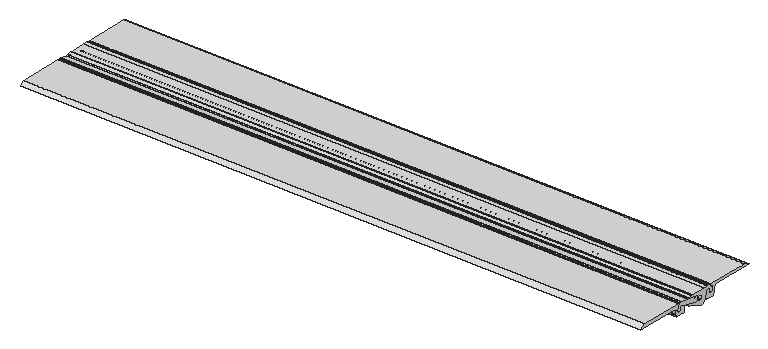
Revit family "Construction-Floors-Conecto-Aluminium Joints ALU AL.78.10", category Specialty Equipment, Revit 2015 (continued)
Definition of nested family "Standard"
  Automatic sketch dimensions
    Extrusion 25 sketch curve to Extrusion 25 sketch curve = 0.181 mm
    Extrusion 25 sketch curve to Extrusion 25 sketch curve = 0.71 mm
    Extrusion 25 sketch curve to Extrusion 25 sketch curve = 0.699 mm
    Extrusion 25 sketch curve to Extrusion 25 sketch curve = 0.638 mm
    Extrusion 25 sketch curve to Extrusion 25 sketch curve = 0.506 mm
    Extrusion 25 sketch curve to Extrusion 25 sketch curve = 0.373 mm
    Extrusion 25 sketch curve to Extrusion 25 sketch curve = 0.208 mm
    Extrusion 25 sketch curve to Extrusion 25 sketch curve = 0.144 mm
    Extrusion 25 sketch curve to Extrusion 25 sketch curve = 1.895 mm
    Extrusion 25 sketch curve to Extrusion 25 sketch curve = 0.735 mm
    Extrusion 25 sketch curve to Extrusion 25 sketch curve = 1.073 mm  (x2)
    Extrusion 25 sketch curve to Extrusion 25 sketch curve = 0.031 mm
    Extrusion 25 sketch curve to Extrusion 25 sketch curve = 0.237 mm
    Extrusion 25 sketch curve to Extrusion 25 sketch curve = 0.765 mm
    Extrusion 25 sketch curve to Extrusion 25 sketch curve = 1.007 mm
    plane 6 to Extrusion 26 sketch curve = 76.279 mm
    Extrusion 26 sketch curve to Extrusion 26 sketch curve = 0.134 mm
    Extrusion 26 sketch curve to Extrusion 26 sketch curve = 0.685 mm  (x2)
    Extrusion 26 sketch curve to Extrusion 26 sketch curve = 0.826 mm
    Extrusion 26 sketch curve to Extrusion 26 sketch curve = 1.425 mm
    Extrusion 26 sketch curve to Extrusion 26 sketch curve = 2.047 mm
    plane 6 to Extrusion 26 sketch curve = 16.442 mm
    Extrusion 26 sketch curve to Extrusion 26 sketch curve = 0.009 mm
    Extrusion 26 sketch curve to Extrusion 26 sketch curve = 0.041 mm
    Extrusion 26 sketch curve to Extrusion 26 sketch curve = 0.911 mm  (x2)
    Extrusion 26 sketch curve to Extrusion 26 sketch curve = 2.3 mm
    Extrusion 26 sketch curve to Extrusion 26 sketch curve = 2.339 mm
    Extrusion 26 sketch curve to Extrusion 26 sketch curve = 0.027 mm
    Extrusion 26 sketch curve to Extrusion 26 sketch curve = 0.499 mm
    Extrusion 26 sketch curve to Extrusion 26 sketch curve = 0.837 mm
    Extrusion 26 sketch curve to Extrusion 26 sketch curve = 0.786 mm  (x2)
    Extrusion 26 sketch curve to Extrusion 26 sketch curve = 0.774 mm  (x2)
    Extrusion 26 sketch curve to Extrusion 26 sketch curve = 0.425 mm
    Extrusion 26 sketch curve to Extrusion 26 sketch curve = 0.097 mm
    Extrusion 26 sketch curve to Extrusion 26 sketch curve = 0.246 mm  (x2)
    Extrusion 26 sketch curve to Extrusion 26 sketch curve = 0.831 mm
    Extrusion 26 sketch curve to Extrusion 26 sketch curve = 0.349 mm
    Extrusion 26 sketch curve to Extrusion 26 sketch curve = 0.778 mm
    Extrusion 26 sketch curve to Extrusion 26 sketch curve = 0.491 mm  (x2)
    plane 6 to Extrusion 26 sketch curve = 11.178 mm
    Extrusion 26 sketch curve to Extrusion 26 sketch curve = 0.697 mm
    Extrusion 26 sketch curve to Extrusion 26 sketch curve = 3.355 mm
    Extrusion 26 sketch curve to Extrusion 26 sketch curve = 0.719 mm
    Extrusion 26 sketch curve to Extrusion 26 sketch curve = 0.595 mm
    Extrusion 26 sketch curve to Extrusion 26 sketch curve = 0.672 mm
    Extrusion 26 sketch curve to Extrusion 26 sketch curve = 0.908 mm
    Extrusion 26 sketch curve to Extrusion 26 sketch curve = 1.394 mm
    Extrusion 26 sketch curve to Extrusion 26 sketch curve = 0.74 mm
    Extrusion 26 sketch curve to Extrusion 26 sketch curve = 0.885 mm  (x2)
    Extrusion 26 sketch curve to Extrusion 26 sketch curve = 0.607 mm
    Extrusion 26 sketch curve to Extrusion 26 sketch curve = 0.827 mm
    Extrusion 26 sketch curve to Extrusion 26 sketch curve = 0.459 mm
    Extrusion 26 sketch curve to Extrusion 26 sketch curve = 0.775 mm
    Extrusion 26 sketch curve to Extrusion 26 sketch curve = 1.332 mm
    Extrusion 26 sketch curve to Extrusion 26 sketch curve = 0.787 mm
    Extrusion 26 sketch curve to Extrusion 26 sketch curve = 4.161 mm
    Extrusion 26 sketch curve to Extrusion 26 sketch curve = 0.155 mm
    Extrusion 26 sketch curve to Extrusion 26 sketch curve = 2.645 mm
    Extrusion 26 sketch curve to Extrusion 26 sketch curve = 0.258 mm
    Extrusion 26 sketch curve to Extrusion 26 sketch curve = 0.789 mm
    Extrusion 26 sketch curve to Extrusion 26 sketch curve = 0.379 mm
    Extrusion 26 sketch curve to Extrusion 26 sketch curve = 1.017 mm
    Extrusion 26 sketch curve to Extrusion 26 sketch curve = 0.889 mm  (x2)
    Extrusion 26 sketch curve to Extrusion 26 sketch curve = 0.488 mm
    Extrusion 26 sketch curve to Extrusion 26 sketch curve = 0.741 mm
    Extrusion 26 sketch curve to Extrusion 26 sketch curve = 0.656 mm  (x2)
    Extrusion 26 sketch curve to Extrusion 26 sketch curve = 0.298 mm
    Extrusion 26 sketch curve to Extrusion 26 sketch curve = 0.877 mm
    Extrusion 26 sketch curve to Extrusion 26 sketch curve = 0.492 mm
    Extrusion 26 sketch curve to Extrusion 26 sketch curve = 0.714 mm
    Extrusion 26 sketch curve to Extrusion 26 sketch curve = 0.376 mm
    Extrusion 26 sketch curve to Extrusion 26 sketch curve = 0.776 mm
    Extrusion 26 sketch curve to Extrusion 26 sketch curve = 0.629 mm
    Extrusion 26 sketch curve to Extrusion 26 sketch curve = 0.721 mm
    Extrusion 26 sketch curve to Extrusion 26 sketch curve = 0.523 mm
    Extrusion 26 sketch curve to Extrusion 26 sketch curve = 0.922 mm
    Extrusion 26 sketch curve to Extrusion 26 sketch curve = 0.347 mm
    Extrusion 26 sketch curve to Extrusion 26 sketch curve = 0.484 mm
    Extrusion 26 sketch curve to Extrusion 26 sketch curve = 0.085 mm
    Extrusion 26 sketch curve to Extrusion 26 sketch curve = 0.931 mm
    Extrusion 26 sketch curve to Extrusion 26 sketch curve = 0.833 mm
    plane 6 to Extrusion 26 sketch curve = 2.043 mm  (x2)
    Extrusion 26 sketch curve to Extrusion 26 sketch curve = 0.81 mm
    plane 6 to Extrusion 26 sketch curve = 0.908 mm  (x2)
    plane 6 to Extrusion 26 sketch curve = 0.127 mm
    Extrusion 26 sketch curve to Extrusion 26 sketch curve = 4.284 mm
    Extrusion 26 sketch curve to Extrusion 26 sketch curve = 0.117 mm
    Extrusion 26 sketch curve to Extrusion 26 sketch curve = 0.37 mm
    Extrusion 26 sketch curve to Extrusion 26 sketch curve = 1.059 mm
    Extrusion 26 sketch curve to Extrusion 26 sketch curve = 1.033 mm
    Extrusion 26 sketch curve to Extrusion 26 sketch curve = 5.162 mm
    Extrusion 26 sketch curve to Extrusion 26 sketch curve = 0.794 mm
    Extrusion 26 sketch curve to Extrusion 26 sketch curve = 2.958 mm
    Extrusion 26 sketch curve to Extrusion 26 sketch curve = 0.406 mm
    Extrusion 26 sketch curve to Extrusion 26 sketch curve = 2.164 mm
    Extrusion 26 sketch curve to Extrusion 26 sketch curve = 0.749 mm
    Extrusion 26 sketch curve to Extrusion 26 sketch curve = 0.069 mm
    Extrusion 26 sketch curve to Extrusion 26 sketch curve = 0.151 mm
    Extrusion 26 sketch curve to Extrusion 26 sketch curve = 0.252 mm
    Extrusion 26 sketch curve to Extrusion 26 sketch curve = 0.38 mm
    Extrusion 26 sketch curve to Extrusion 26 sketch curve = 0.673 mm
    Extrusion 26 sketch curve to Extrusion 26 sketch curve = 3.295 mm  (x2)
    Extrusion 26 sketch curve to Extrusion 26 sketch curve = 0.993 mm
    Extrusion 26 sketch curve to Extrusion 26 sketch curve = 0.811 mm
    Extrusion 26 sketch curve to Extrusion 26 sketch curve = 0.804 mm
    Extrusion 26 sketch curve to Extrusion 26 sketch curve = 2.532 mm
    Extrusion 26 sketch curve to Extrusion 26 sketch curve = 0.302 mm
    Extrusion 26 sketch curve to Extrusion 26 sketch curve = 0.912 mm
    Extrusion 26 sketch curve to Extrusion 26 sketch curve = 0.917 mm
    Extrusion 26 sketch curve to Extrusion 26 sketch curve = 2.428 mm
    Extrusion 26 sketch curve to Extrusion 26 sketch curve = 0.795 mm
    Extrusion 26 sketch curve to Extrusion 26 sketch curve = 0.87 mm
    Extrusion 26 sketch curve to Extrusion 26 sketch curve = 2.001 mm
    Extrusion 26 sketch curve to Extrusion 26 sketch curve = 1.1 mm
    Extrusion 26 sketch curve to Extrusion 26 sketch curve = 1.105 mm
    Extrusion 26 sketch curve to Extrusion 26 sketch curve = 1.16 mm
    Extrusion 26 sketch curve to Extrusion 26 sketch curve = 0.798 mm
    Extrusion 26 sketch curve to Extrusion 26 sketch curve = 0.812 mm
    Extrusion 26 sketch curve to Extrusion 26 sketch curve = 1.3 mm
    Extrusion 26 sketch curve to Extrusion 26 sketch curve = 1.589 mm
    Extrusion 26 sketch curve to Extrusion 26 sketch curve = 0.729 mm
    Extrusion 26 sketch curve to Extrusion 26 sketch curve = 0.181 mm
    Extrusion 26 sketch curve to Extrusion 26 sketch curve = 0.71 mm
    Extrusion 26 sketch curve to Extrusion 26 sketch curve = 0.699 mm
    Extrusion 26 sketch curve to Extrusion 26 sketch curve = 0.638 mm
    Extrusion 26 sketch curve to Extrusion 26 sketch curve = 0.506 mm
    Extrusion 26 sketch curve to Extrusion 26 sketch curve = 0.373 mm
    Extrusion 26 sketch curve to Extrusion 26 sketch curve = 0.208 mm
    Extrusion 26 sketch curve to Extrusion 26 sketch curve = 0.144 mm
    Extrusion 26 sketch curve to Extrusion 26 sketch curve = 1.895 mm
    Extrusion 26 sketch curve to Extrusion 26 sketch curve = 0.735 mm
    Extrusion 26 sketch curve to Extrusion 26 sketch curve = 1.073 mm  (x2)
    Extrusion 26 sketch curve to Extrusion 26 sketch curve = 0.031 mm
    Extrusion 26 sketch curve to Extrusion 26 sketch curve = 0.237 mm
    Extrusion 26 sketch curve to Extrusion 26 sketch curve = 0.765 mm
    Extrusion 26 sketch curve to Extrusion 26 sketch curve = 2.288 mm
    Extrusion 27 sketch curve to plane 6 = 0 mm
    plane 6 to Extrusion 27 sketch curve = 0.317 mm
    plane 6 to Extrusion 27 sketch curve = 0.661 mm
    plane 6 to Extrusion 27 sketch curve = 0.997 mm
    Extrusion 27 sketch curve to Extrusion 27 sketch curve = 0.977 mm
    Extrusion 27 sketch curve to Extrusion 27 sketch curve = 1.018 mm
    Extrusion 27 sketch curve to Extrusion 27 sketch curve = 1.002 mm
    Extrusion 27 sketch curve to Extrusion 27 sketch curve = 1.162 mm
    Extrusion 27 sketch curve to Extrusion 27 sketch curve = 0.845 mm
    plane 6 to Extrusion 27 sketch curve = 6.802 mm
    Extrusion 27 sketch curve to Extrusion 27 sketch curve = 0.16 mm
    Extrusion 27 sketch curve to Extrusion 27 sketch curve = 1.009 mm
    Extrusion 27 sketch curve to Extrusion 27 sketch curve = 0.625 mm
    Extrusion 27 sketch curve to Extrusion 27 sketch curve = 0.516 mm
    Extrusion 27 sketch curve to Extrusion 27 sketch curve = 0.635 mm
    Extrusion 27 sketch curve to Extrusion 27 sketch curve = 0.289 mm
    Extrusion 27 sketch curve to Extrusion 27 sketch curve = 0.373 mm
    Extrusion 27 sketch curve to Extrusion 27 sketch curve = 0.077 mm
    Extrusion 27 sketch curve to Extrusion 27 sketch curve = 3.01 mm
    Extrusion 27 sketch curve to Extrusion 27 sketch curve = 0.17 mm
    Extrusion 27 sketch curve to Extrusion 27 sketch curve = 3.066 mm
    Extrusion 27 sketch curve to Extrusion 27 sketch curve = 1.906 mm
    Extrusion 27 sketch curve to Extrusion 27 sketch curve = 0.766 mm
    Extrusion 27 sketch curve to Extrusion 27 sketch curve = 0.379 mm
    Extrusion 27 sketch curve to Extrusion 27 sketch curve = 0.528 mm
    Extrusion 27 sketch curve to Extrusion 27 sketch curve = 0.965 mm
    Extrusion 27 sketch curve to Extrusion 27 sketch curve = 0.696 mm
    Extrusion 27 sketch curve to Extrusion 27 sketch curve = 0.241 mm
    Extrusion 27 sketch curve to Extrusion 27 sketch curve = 0.175 mm
    Extrusion 27 sketch curve to Extrusion 27 sketch curve = 2.045 mm
    Extrusion 27 sketch curve to Extrusion 27 sketch curve = 1.039 mm
    Extrusion 27 sketch curve to Extrusion 27 sketch curve = 1.103 mm
    Extrusion 27 sketch curve to Extrusion 27 sketch curve = 0.798 mm
    Extrusion 27 sketch curve to Extrusion 27 sketch curve = 0.732 mm
    Extrusion 27 sketch curve to Extrusion 27 sketch curve = 0.662 mm
    Extrusion 27 sketch curve to Extrusion 27 sketch curve = 0.349 mm
    Extrusion 27 sketch curve to Extrusion 27 sketch curve = 4.02 mm
    Extrusion 27 sketch curve to Extrusion 27 sketch curve = 0.832 mm
    Extrusion 27 sketch curve to Extrusion 27 sketch curve = 0.298 mm
    Extrusion 27 sketch curve to Extrusion 27 sketch curve = 0.306 mm
    Extrusion 27 sketch curve to Extrusion 27 sketch curve = 0.729 mm
    Extrusion 27 sketch curve to Extrusion 27 sketch curve = 0.775 mm
    Extrusion 27 sketch curve to Extrusion 27 sketch curve = 1.062 mm
    Extrusion 27 sketch curve to Extrusion 27 sketch curve = 1.113 mm
    Extrusion 27 sketch curve to Extrusion 27 sketch curve = 2.023 mm
    Extrusion 27 sketch curve to Extrusion 27 sketch curve = 54.732 mm
    Extrusion 27 sketch curve to Extrusion 27 sketch curve = 7.796 mm
    Extrusion 27 sketch curve to Extrusion 27 sketch curve = 0.76 mm
    Extrusion 27 sketch curve to Extrusion 27 sketch curve = 0.824 mm
    Extrusion 27 sketch curve to Extrusion 27 sketch curve = 0.907 mm
    Extrusion 27 sketch curve to Extrusion 27 sketch curve = 1.22 mm
    Extrusion 27 sketch curve to Extrusion 27 sketch curve = 2.629 mm
    Extrusion 27 sketch curve to Extrusion 27 sketch curve = 0.878 mm
    Extrusion 27 sketch curve to Extrusion 27 sketch curve = 0.93 mm
    Extrusion 27 sketch curve to Extrusion 27 sketch curve = 1.667 mm
    Extrusion 27 sketch curve to Extrusion 27 sketch curve = 1.629 mm
    Extrusion 27 sketch curve to Extrusion 27 sketch curve = 0.794 mm
    Extrusion 27 sketch curve to Extrusion 27 sketch curve = 0.971 mm
    Extrusion 27 sketch curve to Extrusion 27 sketch curve = 1.003 mm
    Extrusion 27 sketch curve to Extrusion 27 sketch curve = 0.737 mm
    Extrusion 27 sketch curve to Extrusion 27 sketch curve = 1.239 mm
    Extrusion 27 sketch curve to Extrusion 27 sketch curve = 0.423 mm
    Extrusion 27 sketch curve to Extrusion 27 sketch curve = 0.543 mm
    Extrusion 27 sketch curve to Extrusion 27 sketch curve = 0.849 mm
    Extrusion 27 sketch curve to Extrusion 27 sketch curve = 0.788 mm
    Extrusion 27 sketch curve to Extrusion 27 sketch curve = 0.386 mm
    Extrusion 27 sketch curve to Extrusion 27 sketch curve = 0.039 mm
    Extrusion 27 sketch curve to Extrusion 27 sketch curve = 0.749 mm
    Extrusion 27 sketch curve to Extrusion 27 sketch curve = 0.475 mm
    Extrusion 27 sketch curve to Extrusion 27 sketch curve = 0.394 mm
    Extrusion 27 sketch curve to Extrusion 27 sketch curve = 0.105 mm
    Extrusion 27 sketch curve to Extrusion 27 sketch curve = 1.841 mm
    Extrusion 27 sketch curve to Extrusion 27 sketch curve = 0.909 mm  (x2)
    Extrusion 27 sketch curve to Extrusion 27 sketch curve = 0.813 mm
    Extrusion 27 sketch curve to Extrusion 27 sketch curve = 0.946 mm
    Extrusion 27 sketch curve to Extrusion 27 sketch curve = 0.488 mm
    Extrusion 27 sketch curve to Extrusion 27 sketch curve = 1.614 mm
    plane 6 to Extrusion 28 sketch curve = 74.384 mm
    Extrusion 28 sketch curve to Extrusion 28 sketch curve = 0.43 mm
    Extrusion 28 sketch curve to Extrusion 28 sketch curve = 0.937 mm  (x2)
    Extrusion 28 sketch curve to Extrusion 28 sketch curve = 2.098 mm
    Extrusion 28 sketch curve to Extrusion 28 sketch curve = 1.054 mm  (x2)
    plane 6 to Extrusion 28 sketch curve = 17.576 mm
    Extrusion 28 sketch curve to Extrusion 28 sketch curve = 0.775 mm
    Extrusion 28 sketch curve to Extrusion 28 sketch curve = 0.377 mm
    Extrusion 28 sketch curve to Extrusion 28 sketch curve = 2.284 mm
    Extrusion 28 sketch curve to Extrusion 28 sketch curve = 0.065 mm
    Extrusion 28 sketch curve to Extrusion 28 sketch curve = 0.485 mm
    Extrusion 28 sketch curve to Extrusion 28 sketch curve = 0.623 mm  (x2)
    Extrusion 28 sketch curve to Extrusion 28 sketch curve = 1.105 mm
    Extrusion 28 sketch curve to Extrusion 28 sketch curve = 1.02 mm
    Extrusion 28 sketch curve to Extrusion 28 sketch curve = 0.107 mm
    Extrusion 28 sketch curve to Extrusion 28 sketch curve = 0.272 mm
    Extrusion 28 sketch curve to Extrusion 28 sketch curve = 0.182 mm
    Extrusion 28 sketch curve to Extrusion 28 sketch curve = 0.098 mm
    Extrusion 28 sketch curve to Extrusion 28 sketch curve = 0.591 mm
    Extrusion 28 sketch curve to Extrusion 28 sketch curve = 0.332 mm
    Extrusion 28 sketch curve to Extrusion 28 sketch curve = 0.589 mm
    Extrusion 28 sketch curve to Extrusion 28 sketch curve = 2.296 mm
    Extrusion 28 sketch curve to Extrusion 28 sketch curve = 4.118 mm
    Extrusion 28 sketch curve to Extrusion 28 sketch curve = 0.069 mm
    Extrusion 28 sketch curve to Extrusion 28 sketch curve = 0.189 mm
    Extrusion 28 sketch curve to Extrusion 28 sketch curve = 0.132 mm
    Extrusion 28 sketch curve to Extrusion 28 sketch curve = 0.433 mm
    Extrusion 28 sketch curve to Extrusion 28 sketch curve = 0.556 mm
    Extrusion 28 sketch curve to Extrusion 28 sketch curve = 0.586 mm
    Extrusion 28 sketch curve to Extrusion 28 sketch curve = 0.467 mm
    Extrusion 28 sketch curve to Extrusion 28 sketch curve = 0.54 mm
    Extrusion 28 sketch curve to Extrusion 28 sketch curve = 0.734 mm
    Extrusion 28 sketch curve to Extrusion 28 sketch curve = 0.731 mm
    Extrusion 28 sketch curve to Extrusion 28 sketch curve = 0.807 mm
    Extrusion 28 sketch curve to Extrusion 28 sketch curve = 0.833 mm
    Extrusion 28 sketch curve to Extrusion 28 sketch curve = 0.78 mm
    Extrusion 28 sketch curve to Extrusion 28 sketch curve = 0.732 mm
    Extrusion 28 sketch curve to Extrusion 28 sketch curve = 0.914 mm
    plane 6 to Extrusion 28 sketch curve = 0.641 mm
    plane 6 to Extrusion 28 sketch curve = 0.242 mm
    Extrusion 28 sketch curve to Extrusion 28 sketch curve = 0.531 mm
    Extrusion 28 sketch curve to Extrusion 28 sketch curve = 0.532 mm
    Extrusion 28 sketch curve to Extrusion 28 sketch curve = 0.709 mm
    Extrusion 28 sketch curve to Extrusion 28 sketch curve = 0.883 mm
    Extrusion 28 sketch curve to Extrusion 28 sketch curve = 0.643 mm
    Extrusion 28 sketch curve to Extrusion 28 sketch curve = 0.964 mm
    Extrusion 28 sketch curve to Extrusion 28 sketch curve = 0.834 mm
    Extrusion 28 sketch curve to Extrusion 28 sketch curve = 2.188 mm
    Extrusion 28 sketch curve to Extrusion 28 sketch curve = 0.784 mm
    Extrusion 28 sketch curve to Extrusion 28 sketch curve = 1.019 mm
    Extrusion 28 sketch curve to Extrusion 28 sketch curve = 0.89 mm
    Extrusion 28 sketch curve to Extrusion 28 sketch curve = 1.097 mm
    Extrusion 28 sketch curve to Extrusion 28 sketch curve = 0.938 mm
    Extrusion 28 sketch curve to Extrusion 28 sketch curve = 1.103 mm
    Extrusion 28 sketch curve to Extrusion 28 sketch curve = 0.798 mm
    Extrusion 28 sketch curve to Extrusion 28 sketch curve = 1.151 mm
    Extrusion 28 sketch curve to Extrusion 28 sketch curve = 0.621 mm
    Extrusion 28 sketch curve to Extrusion 28 sketch curve = 0.495 mm
    Extrusion 28 sketch curve to Extrusion 28 sketch curve = 0.64 mm
    Extrusion 28 sketch curve to Extrusion 28 sketch curve = 0.31 mm
    Extrusion 28 sketch curve to Extrusion 28 sketch curve = 0.281 mm
    Extrusion 28 sketch curve to Extrusion 28 sketch curve = 0.157 mm
    Extrusion 28 sketch curve to Extrusion 28 sketch curve = 0.166 mm
    Extrusion 28 sketch curve to Extrusion 28 sketch curve = 0.93 mm
    Extrusion 28 sketch curve to Extrusion 28 sketch curve = 1.828 mm
    Extrusion 28 sketch curve to Extrusion 28 sketch curve = 1.04 mm
    Extrusion 28 sketch curve to Extrusion 28 sketch curve = 0.911 mm
    Extrusion 28 sketch curve to Extrusion 28 sketch curve = 0.491 mm
    Extrusion 28 sketch curve to Extrusion 28 sketch curve = 1.053 mm
    Extrusion 28 sketch curve to Extrusion 28 sketch curve = 1.425 mm
    plane 6 to Extrusion 29 sketch curve = 74.364 mm
    Extrusion 29 sketch curve to Extrusion 29 sketch curve = 0.43 mm
    Extrusion 29 sketch curve to Extrusion 29 sketch curve = 2.098 mm
    Extrusion 29 sketch curve to Extrusion 29 sketch curve = 1.054 mm  (x2)
    plane 6 to Extrusion 29 sketch curve = 17.556 mm
    Extrusion 29 sketch curve to Extrusion 29 sketch curve = 0.775 mm
    Extrusion 29 sketch curve to Extrusion 29 sketch curve = 0.377 mm
    Extrusion 29 sketch curve to Extrusion 29 sketch curve = 2.284 mm
    Extrusion 29 sketch curve to Extrusion 29 sketch curve = 0.065 mm
    Extrusion 29 sketch curve to Extrusion 29 sketch curve = 0.485 mm
    Extrusion 29 sketch curve to Extrusion 29 sketch curve = 0.623 mm  (x2)
    Extrusion 29 sketch curve to Extrusion 29 sketch curve = 1.105 mm
    Extrusion 29 sketch curve to Extrusion 29 sketch curve = 1.02 mm
    Extrusion 29 sketch curve to Extrusion 29 sketch curve = 0.107 mm
    Extrusion 29 sketch curve to Extrusion 29 sketch curve = 0.272 mm
    Extrusion 29 sketch curve to Extrusion 29 sketch curve = 0.182 mm
    Extrusion 29 sketch curve to Extrusion 29 sketch curve = 0.098 mm
    Extrusion 29 sketch curve to Extrusion 29 sketch curve = 4.529 mm
    Extrusion 29 sketch curve to Extrusion 29 sketch curve = 0.102 mm
    Extrusion 29 sketch curve to Extrusion 29 sketch curve = 0.291 mm
    Extrusion 29 sketch curve to Extrusion 29 sketch curve = 0.591 mm
    Extrusion 29 sketch curve to Extrusion 29 sketch curve = 0.304 mm
    Extrusion 29 sketch curve to Extrusion 29 sketch curve = 0.332 mm
    Extrusion 29 sketch curve to Extrusion 29 sketch curve = 0.574 mm
    Extrusion 29 sketch curve to Extrusion 29 sketch curve = 0.589 mm
    Extrusion 29 sketch curve to Extrusion 29 sketch curve = 0.534 mm
    Extrusion 29 sketch curve to Extrusion 29 sketch curve = 0.778 mm
    Extrusion 29 sketch curve to Extrusion 29 sketch curve = 2.296 mm
    Extrusion 29 sketch curve to Extrusion 29 sketch curve = 1.352 mm
    Extrusion 29 sketch curve to Extrusion 29 sketch curve = 4.118 mm
    Extrusion 29 sketch curve to Extrusion 29 sketch curve = 0.069 mm
    Extrusion 29 sketch curve to Extrusion 29 sketch curve = 0.189 mm
    Extrusion 29 sketch curve to Extrusion 29 sketch curve = 0.132 mm
    Extrusion 29 sketch curve to Extrusion 29 sketch curve = 0.433 mm
    Extrusion 29 sketch curve to Extrusion 29 sketch curve = 1.397 mm
    Extrusion 29 sketch curve to Extrusion 29 sketch curve = 0.556 mm
    Extrusion 29 sketch curve to Extrusion 29 sketch curve = 0.586 mm
    Extrusion 29 sketch curve to Extrusion 29 sketch curve = 0.467 mm
    Extrusion 29 sketch curve to Extrusion 29 sketch curve = 0.54 mm
    Extrusion 29 sketch curve to Extrusion 29 sketch curve = 4.097 mm
    Extrusion 29 sketch curve to Extrusion 29 sketch curve = 0.116 mm
    Extrusion 29 sketch curve to Extrusion 29 sketch curve = 1.064 mm
    Extrusion 29 sketch curve to Extrusion 29 sketch curve = 0.693 mm
    Extrusion 29 sketch curve to Extrusion 29 sketch curve = 0.734 mm  (x2)
    Extrusion 29 sketch curve to Extrusion 29 sketch curve = 0.249 mm
    Extrusion 29 sketch curve to Extrusion 29 sketch curve = 0.731 mm
    Extrusion 29 sketch curve to Extrusion 29 sketch curve = 0.807 mm
    Extrusion 29 sketch curve to Extrusion 29 sketch curve = 0.833 mm
    Extrusion 29 sketch curve to Extrusion 29 sketch curve = 0.78 mm
    Extrusion 29 sketch curve to Extrusion 29 sketch curve = 0.732 mm
    Extrusion 29 sketch curve to Extrusion 29 sketch curve = 0.914 mm
    plane 6 to Extrusion 29 sketch curve = 0.621 mm
    plane 6 to Extrusion 29 sketch curve = 0.222 mm
    Extrusion 29 sketch curve to Extrusion 29 sketch curve = 0.006 mm
    Extrusion 29 sketch curve to Extrusion 29 sketch curve = 0.829 mm
    Extrusion 29 sketch curve to Extrusion 29 sketch curve = 0.931 mm
    Extrusion 29 sketch curve to Extrusion 29 sketch curve = 0.856 mm
    Extrusion 29 sketch curve to Extrusion 29 sketch curve = 0.688 mm
    Extrusion 29 sketch curve to Extrusion 29 sketch curve = 1.414 mm
    Extrusion 29 sketch curve to Extrusion 29 sketch curve = 0.532 mm
    Extrusion 29 sketch curve to Extrusion 29 sketch curve = 0.883 mm
    Extrusion 29 sketch curve to Extrusion 29 sketch curve = 0.643 mm
    Extrusion 29 sketch curve to Extrusion 29 sketch curve = 0.964 mm
    Extrusion 29 sketch curve to Extrusion 29 sketch curve = 0.834 mm
    Extrusion 29 sketch curve to Extrusion 29 sketch curve = 2.188 mm
    Extrusion 29 sketch curve to Extrusion 29 sketch curve = 0.784 mm
    Extrusion 29 sketch curve to Extrusion 29 sketch curve = 1.019 mm
    Extrusion 29 sketch curve to Extrusion 29 sketch curve = 0.89 mm
    Extrusion 29 sketch curve to Extrusion 29 sketch curve = 1.097 mm
    Extrusion 29 sketch curve to Extrusion 29 sketch curve = 0.938 mm
    Extrusion 29 sketch curve to Extrusion 29 sketch curve = 1.103 mm
    Extrusion 29 sketch curve to Extrusion 29 sketch curve = 0.798 mm
    Extrusion 29 sketch curve to Extrusion 29 sketch curve = 1.151 mm
    Extrusion 29 sketch curve to Extrusion 29 sketch curve = 0.621 mm
    Extrusion 29 sketch curve to Extrusion 29 sketch curve = 0.495 mm
    Extrusion 29 sketch curve to Extrusion 29 sketch curve = 0.64 mm
    Extrusion 29 sketch curve to Extrusion 29 sketch curve = 0.31 mm
    Extrusion 29 sketch curve to Extrusion 29 sketch curve = 0.281 mm
    Extrusion 29 sketch curve to Extrusion 29 sketch curve = 0.157 mm
    Extrusion 29 sketch curve to Extrusion 29 sketch curve = 0.166 mm
    Extrusion 29 sketch curve to Extrusion 29 sketch curve = 0.93 mm
    Extrusion 29 sketch curve to Extrusion 29 sketch curve = 1.828 mm
    Extrusion 29 sketch curve to Extrusion 29 sketch curve = 1.04 mm
    Extrusion 29 sketch curve to Extrusion 29 sketch curve = 0.911 mm
    Extrusion 29 sketch curve to Extrusion 29 sketch curve = 0.491 mm
    Extrusion 29 sketch curve to Extrusion 29 sketch curve = 1.053 mm
    Extrusion 29 sketch curve to Extrusion 29 sketch curve = 2.626 mm
    plane 6 to Extrusion 30 sketch curve = 74.226 mm
    Extrusion 30 sketch curve to Extrusion 30 sketch curve = 0.749 mm
    Extrusion 30 sketch curve to Extrusion 30 sketch curve = 1.78 mm
    Extrusion 30 sketch curve to Extrusion 30 sketch curve = 1.537 mm
    Extrusion 30 sketch curve to Extrusion 30 sketch curve = 1.854 mm
    plane 6 to Extrusion 30 sketch curve = 16.416 mm
    Extrusion 30 sketch curve to Extrusion 30 sketch curve = 0.43 mm
    Extrusion 30 sketch curve to Extrusion 30 sketch curve = 2.284 mm
    Extrusion 30 sketch curve to Extrusion 30 sketch curve = 0.065 mm
    Extrusion 30 sketch curve to Extrusion 30 sketch curve = 0.485 mm
    Extrusion 30 sketch curve to Extrusion 30 sketch curve = 0.623 mm  (x2)
    Extrusion 30 sketch curve to Extrusion 30 sketch curve = 3.012 mm
    Extrusion 30 sketch curve to Extrusion 30 sketch curve = 3.271 mm
    Extrusion 30 sketch curve to Extrusion 30 sketch curve = 1.105 mm
    Extrusion 30 sketch curve to Extrusion 30 sketch curve = 1.02 mm
    Extrusion 30 sketch curve to Extrusion 30 sketch curve = 0.107 mm
    Extrusion 30 sketch curve to Extrusion 30 sketch curve = 0.272 mm
    Extrusion 30 sketch curve to Extrusion 30 sketch curve = 0.182 mm
    Extrusion 30 sketch curve to Extrusion 30 sketch curve = 0.098 mm
    Extrusion 30 sketch curve to Extrusion 30 sketch curve = 0.803 mm
    Extrusion 30 sketch curve to Extrusion 30 sketch curve = 1.154 mm
    Extrusion 30 sketch curve to Extrusion 30 sketch curve = 0.591 mm  (x2)
    Extrusion 30 sketch curve to Extrusion 30 sketch curve = 1.054 mm
    Extrusion 30 sketch curve to Extrusion 30 sketch curve = 0.626 mm
    Extrusion 30 sketch curve to Extrusion 30 sketch curve = 0.332 mm
    Extrusion 30 sketch curve to Extrusion 30 sketch curve = 0.589 mm
    Extrusion 30 sketch curve to Extrusion 30 sketch curve = 0.908 mm
    Extrusion 30 sketch curve to Extrusion 30 sketch curve = 2.519 mm
    Extrusion 30 sketch curve to Extrusion 30 sketch curve = 2.296 mm
    Extrusion 30 sketch curve to Extrusion 30 sketch curve = 1.233 mm
    Extrusion 30 sketch curve to Extrusion 30 sketch curve = 4.118 mm
    Extrusion 30 sketch curve to Extrusion 30 sketch curve = 0.069 mm
    Extrusion 30 sketch curve to Extrusion 30 sketch curve = 0.189 mm
    Extrusion 30 sketch curve to Extrusion 30 sketch curve = 0.132 mm
    Extrusion 30 sketch curve to Extrusion 30 sketch curve = 1.181 mm
    Extrusion 30 sketch curve to Extrusion 30 sketch curve = 0.433 mm
    Extrusion 30 sketch curve to Extrusion 30 sketch curve = 0.556 mm
    Extrusion 30 sketch curve to Extrusion 30 sketch curve = 0.586 mm
    Extrusion 30 sketch curve to Extrusion 30 sketch curve = 2.086 mm
    Extrusion 30 sketch curve to Extrusion 30 sketch curve = 0.54 mm
    Extrusion 30 sketch curve to Extrusion 30 sketch curve = 1.13 mm
    Extrusion 30 sketch curve to Extrusion 30 sketch curve = 0.926 mm
    Extrusion 30 sketch curve to Extrusion 30 sketch curve = 0.734 mm
    Extrusion 30 sketch curve to Extrusion 30 sketch curve = 0.939 mm  (x2)
    Extrusion 30 sketch curve to Extrusion 30 sketch curve = 0.654 mm
    Extrusion 30 sketch curve to Extrusion 30 sketch curve = 0.731 mm
    Extrusion 30 sketch curve to Extrusion 30 sketch curve = 0.456 mm
    Extrusion 30 sketch curve to Extrusion 30 sketch curve = 0.807 mm
    Extrusion 30 sketch curve to Extrusion 30 sketch curve = 0.833 mm
    Extrusion 30 sketch curve to Extrusion 30 sketch curve = 0.78 mm
    Extrusion 30 sketch curve to Extrusion 30 sketch curve = 0.732 mm
    Extrusion 30 sketch curve to Extrusion 30 sketch curve = 0.914 mm
    plane 6 to Extrusion 30 sketch curve = 0.633 mm
    plane 6 to Extrusion 30 sketch curve = 0.234 mm
    Extrusion 30 sketch curve to Extrusion 30 sketch curve = 12.646 mm
    Extrusion 30 sketch curve to Extrusion 30 sketch curve = 1.028 mm
    Extrusion 30 sketch curve to Extrusion 30 sketch curve = 0.44 mm
    Extrusion 30 sketch curve to Extrusion 30 sketch curve = 0.145 mm
    Extrusion 30 sketch curve to Extrusion 30 sketch curve = 0.151 mm
    Extrusion 30 sketch curve to Extrusion 30 sketch curve = 0.462 mm
    Extrusion 30 sketch curve to Extrusion 30 sketch curve = 0.576 mm
    Extrusion 30 sketch curve to Extrusion 30 sketch curve = 0.472 mm
    Extrusion 30 sketch curve to Extrusion 30 sketch curve = 1.607 mm
    Extrusion 30 sketch curve to Extrusion 30 sketch curve = 1.617 mm
    Extrusion 30 sketch curve to Extrusion 30 sketch curve = 1.074 mm
    Extrusion 30 sketch curve to Extrusion 30 sketch curve = 0.934 mm
    Extrusion 30 sketch curve to Extrusion 30 sketch curve = 0.532 mm
    Extrusion 30 sketch curve to Extrusion 30 sketch curve = 0.883 mm
    Extrusion 30 sketch curve to Extrusion 30 sketch curve = 0.643 mm
    Extrusion 30 sketch curve to Extrusion 30 sketch curve = 0.161 mm
    Extrusion 30 sketch curve to Extrusion 30 sketch curve = 0.964 mm
    Extrusion 30 sketch curve to Extrusion 30 sketch curve = 0.834 mm
    Extrusion 30 sketch curve to Extrusion 30 sketch curve = 2.188 mm
    Extrusion 30 sketch curve to Extrusion 30 sketch curve = 0.784 mm
    Extrusion 30 sketch curve to Extrusion 30 sketch curve = 1.019 mm
    Extrusion 30 sketch curve to Extrusion 30 sketch curve = 0.89 mm
    Extrusion 30 sketch curve to Extrusion 30 sketch curve = 1.097 mm
    Extrusion 30 sketch curve to Extrusion 30 sketch curve = 0.938 mm
    Extrusion 30 sketch curve to Extrusion 30 sketch curve = 1.103 mm
    Extrusion 30 sketch curve to Extrusion 30 sketch curve = 0.798 mm
    Extrusion 30 sketch curve to Extrusion 30 sketch curve = 1.151 mm
    Extrusion 30 sketch curve to Extrusion 30 sketch curve = 0.621 mm
    Extrusion 30 sketch curve to Extrusion 30 sketch curve = 0.495 mm
    Extrusion 30 sketch curve to Extrusion 30 sketch curve = 0.64 mm
    Extrusion 30 sketch curve to Extrusion 30 sketch curve = 0.31 mm
    Extrusion 30 sketch curve to Extrusion 30 sketch curve = 0.281 mm
    Extrusion 30 sketch curve to Extrusion 30 sketch curve = 0.157 mm
    Extrusion 30 sketch curve to Extrusion 30 sketch curve = 0.166 mm
    Extrusion 30 sketch curve to Extrusion 30 sketch curve = 0.93 mm
    Extrusion 30 sketch curve to Extrusion 30 sketch curve = 1.828 mm
    Extrusion 30 sketch curve to Extrusion 30 sketch curve = 1.04 mm
    Extrusion 30 sketch curve to Extrusion 30 sketch curve = 0.911 mm
    Extrusion 30 sketch curve to Extrusion 30 sketch curve = 0.491 mm
    Extrusion 30 sketch curve to Extrusion 30 sketch curve = 1.053 mm
    Extrusion 30 sketch curve to Extrusion 30 sketch curve = 2.626 mm
    Extrusion 11 sketch curve to Extrusion 11 sketch curve = 2.658 mm
    Extrusion 11 sketch curve to Extrusion 11 sketch curve = 0.053 mm
    Extrusion 11 sketch curve to Extrusion 11 sketch curve = 0.474 mm
    Extrusion 11 sketch curve to Extrusion 11 sketch curve = 0.497 mm
    Extrusion 11 sketch curve to Extrusion 11 sketch curve = 0.226 mm
    Extrusion 11 sketch curve to Extrusion 11 sketch curve = 2.262 mm
    Extrusion 11 sketch curve to Extrusion 11 sketch curve = 1.086 mm
    Extrusion 11 sketch curve to Extrusion 11 sketch curve = 3.872 mm
    Extrusion 11 sketch curve to Extrusion 11 sketch curve = 0.315 mm
    Extrusion 11 sketch curve to Extrusion 11 sketch curve = 0.382 mm
    Extrusion 11 sketch curve to Extrusion 11 sketch curve = 0.738 mm
    Extrusion 11 sketch curve to Extrusion 11 sketch curve = 0.923 mm
    Extrusion 11 sketch curve to Extrusion 11 sketch curve = 0.962 mm
    Extrusion 12 sketch curve to Extrusion 12 sketch curve = 0.78 mm
    Extrusion 12 sketch curve to Extrusion 12 sketch curve = 4.497 mm
    Extrusion 12 sketch curve to Extrusion 12 sketch curve = 0.474 mm
    Extrusion 12 sketch curve to Extrusion 12 sketch curve = 0.497 mm
    Extrusion 12 sketch curve to Extrusion 12 sketch curve = 0.302 mm
    Extrusion 12 sketch curve to Extrusion 12 sketch curve = 2.262 mm
    Extrusion 12 sketch curve to Extrusion 12 sketch curve = 1.086 mm
    Extrusion 12 sketch curve to Extrusion 12 sketch curve = 3.646 mm
    Extrusion 12 sketch curve to Extrusion 12 sketch curve = 0.315 mm
    Extrusion 12 sketch curve to Extrusion 12 sketch curve = 0.382 mm
    Extrusion 12 sketch curve to Extrusion 12 sketch curve = 0.738 mm
    Extrusion 12 sketch curve to Extrusion 12 sketch curve = 0.923 mm
    Extrusion 12 sketch curve to Extrusion 12 sketch curve = 0.962 mm
    Extrusion 13 sketch curve to Extrusion 13 sketch curve = 0.175 mm
    Extrusion 13 sketch curve to Extrusion 13 sketch curve = 0.78 mm
    Extrusion 13 sketch curve to Extrusion 13 sketch curve = 4.497 mm
    Extrusion 13 sketch curve to Extrusion 13 sketch curve = 0.474 mm
    Extrusion 13 sketch curve to Extrusion 13 sketch curve = 0.226 mm
    Extrusion 13 sketch curve to Extrusion 13 sketch curve = 2.262 mm
    Extrusion 13 sketch curve to Extrusion 13 sketch curve = 1.086 mm
    Extrusion 13 sketch curve to Extrusion 13 sketch curve = 3.872 mm
    Extrusion 13 sketch curve to Extrusion 13 sketch curve = 0.315 mm
    Extrusion 13 sketch curve to Extrusion 13 sketch curve = 0.382 mm
    Extrusion 13 sketch curve to Extrusion 13 sketch curve = 0.738 mm
    Extrusion 13 sketch curve to Extrusion 13 sketch curve = 0.923 mm
    Extrusion 13 sketch curve to Extrusion 13 sketch curve = 0.962 mm
    Extrusion 14 sketch curve to Extrusion 14 sketch curve = 0.268 mm
    Extrusion 14 sketch curve to Extrusion 14 sketch curve = 0.78 mm
    Extrusion 14 sketch curve to Extrusion 14 sketch curve = 4.497 mm
    Extrusion 14 sketch curve to Extrusion 14 sketch curve = 0.474 mm
    Extrusion 14 sketch curve to Extrusion 14 sketch curve = 0.226 mm
    Extrusion 14 sketch curve to Extrusion 14 sketch curve = 2.262 mm
    Extrusion 14 sketch curve to Extrusion 14 sketch curve = 1.086 mm
    Extrusion 14 sketch curve to Extrusion 14 sketch curve = 3.872 mm
    Extrusion 14 sketch curve to Extrusion 14 sketch curve = 0.315 mm
    Extrusion 14 sketch curve to Extrusion 14 sketch curve = 0.382 mm
    Extrusion 14 sketch curve to Extrusion 14 sketch curve = 0.738 mm
    Extrusion 14 sketch curve to Extrusion 14 sketch curve = 0.923 mm
    Extrusion 14 sketch curve to Extrusion 14 sketch curve = 0.962 mm
    Extrusion 15 sketch curve to Extrusion 15 sketch curve = 0.175 mm
    Extrusion 15 sketch curve to Extrusion 15 sketch curve = 0.578 mm
    Extrusion 15 sketch curve to Extrusion 15 sketch curve = 1.911 mm
    Extrusion 15 sketch curve to Extrusion 15 sketch curve = 0.78 mm
    Extrusion 15 sketch curve to Extrusion 15 sketch curve = 4.497 mm
    Extrusion 15 sketch curve to Extrusion 15 sketch curve = 0.474 mm
    Extrusion 15 sketch curve to Extrusion 15 sketch curve = 0.497 mm
    Extrusion 15 sketch curve to Extrusion 15 sketch curve = 0.302 mm
    Extrusion 15 sketch curve to Extrusion 15 sketch curve = 2.262 mm
    Extrusion 15 sketch curve to Extrusion 15 sketch curve = 1.086 mm
    Extrusion 15 sketch curve to Extrusion 15 sketch curve = 3.646 mm
    Extrusion 15 sketch curve to Extrusion 15 sketch curve = 0.315 mm
    Extrusion 15 sketch curve to Extrusion 15 sketch curve = 0.382 mm
    Extrusion 15 sketch curve to Extrusion 15 sketch curve = 0.738 mm
    Extrusion 15 sketch curve to Extrusion 15 sketch curve = 0.923 mm
    Extrusion 15 sketch curve to Extrusion 15 sketch curve = 0.962 mm
    Extrusion 16 sketch curve to Extrusion 16 sketch curve = 0.175 mm
    Extrusion 16 sketch curve to Extrusion 16 sketch curve = 0.578 mm
    Extrusion 16 sketch curve to Extrusion 16 sketch curve = 1.911 mm
    Extrusion 16 sketch curve to Extrusion 16 sketch curve = 8.655 mm
    Extrusion 16 sketch curve to Extrusion 16 sketch curve = 0.78 mm
    Extrusion 16 sketch curve to Extrusion 16 sketch curve = 0.601 mm
    Extrusion 16 sketch curve to Extrusion 16 sketch curve = 4.497 mm
    Extrusion 16 sketch curve to Extrusion 16 sketch curve = 0.474 mm
    Extrusion 16 sketch curve to Extrusion 16 sketch curve = 0.226 mm
    Extrusion 16 sketch curve to Extrusion 16 sketch curve = 2.262 mm
    Extrusion 16 sketch curve to Extrusion 16 sketch curve = 1.086 mm
    Extrusion 16 sketch curve to Extrusion 16 sketch curve = 3.872 mm
    Extrusion 16 sketch curve to Extrusion 16 sketch curve = 0.315 mm
    Extrusion 16 sketch curve to Extrusion 16 sketch curve = 0.382 mm
    Extrusion 16 sketch curve to Extrusion 16 sketch curve = 0.738 mm
    Extrusion 16 sketch curve to Extrusion 16 sketch curve = 0.923 mm
    Extrusion 16 sketch curve to Extrusion 16 sketch curve = 0.962 mm
    Extrusion 17 sketch curve to Extrusion 17 sketch curve = 0.355 mm
    Extrusion 17 sketch curve to Extrusion 17 sketch curve = 4.167 mm
    Extrusion 17 sketch curve to Extrusion 17 sketch curve = 0.341 mm
    Extrusion 17 sketch curve to Extrusion 17 sketch curve = 0.719 mm
    Extrusion 17 sketch curve to Extrusion 17 sketch curve = 2.167 mm
    Extrusion 17 sketch curve to Extrusion 17 sketch curve = 1.133 mm
    Extrusion 17 sketch curve to Extrusion 17 sketch curve = 3.927 mm
    Extrusion 17 sketch curve to Extrusion 17 sketch curve = 3.412 mm
    Extrusion 17 sketch curve to Extrusion 17 sketch curve = 1.229 mm
    Extrusion 17 sketch curve to Extrusion 17 sketch curve = 0.386 mm
    Extrusion 17 sketch curve to Extrusion 17 sketch curve = 1.093 mm
    Extrusion 18 sketch curve to Extrusion 18 sketch curve = 0.688 mm
    Extrusion 18 sketch curve to Extrusion 18 sketch curve = 0.764 mm
    Extrusion 18 sketch curve to Extrusion 18 sketch curve = 0.111 mm
    Extrusion 18 sketch curve to Extrusion 18 sketch curve = 0.202 mm
    Extrusion 18 sketch curve to Extrusion 18 sketch curve = 0.252 mm
    Extrusion 18 sketch curve to Extrusion 18 sketch curve = 1.586 mm
    Extrusion 18 sketch curve to Extrusion 18 sketch curve = 3.306 mm
    Extrusion 19 sketch curve to Extrusion 19 sketch curve = 0.709 mm  (x2)
    Extrusion 19 sketch curve to Extrusion 19 sketch curve = 0.793 mm
    Extrusion 19 sketch curve to Extrusion 19 sketch curve = 3.054 mm
    Extrusion 19 sketch curve to Extrusion 19 sketch curve = 0.827 mm
    Extrusion 19 sketch curve to Extrusion 19 sketch curve = 1.261 mm
    Extrusion 19 sketch curve to Extrusion 19 sketch curve = 0.764 mm
    Extrusion 19 sketch curve to Extrusion 19 sketch curve = 1.458 mm
    Extrusion 19 sketch curve to Extrusion 19 sketch curve = 1.614 mm
    Extrusion 19 sketch curve to Extrusion 19 sketch curve = 0.252 mm
    Extrusion 19 sketch curve to Extrusion 19 sketch curve = 0.862 mm
    Extrusion 19 sketch curve to Extrusion 19 sketch curve = 0.566 mm
    Extrusion 19 sketch curve to Extrusion 19 sketch curve = 0.312 mm
    Extrusion 19 sketch curve to Extrusion 19 sketch curve = 2.024 mm
    Extrusion 19 sketch curve to Extrusion 19 sketch curve = 3.517 mm
    Extrusion 19 sketch curve to Extrusion 19 sketch curve = 0.531 mm
    Extrusion 19 sketch curve to Extrusion 19 sketch curve = 1.586 mm
    Extrusion 19 sketch curve to Extrusion 19 sketch curve = 3.306 mm
    Extrusion 20 sketch curve to Extrusion 20 sketch curve = 0.162 mm
    Extrusion 20 sketch curve to Extrusion 20 sketch curve = 0.349 mm
    Extrusion 20 sketch curve to Extrusion 20 sketch curve = 2.475 mm
    Extrusion 20 sketch curve to Extrusion 20 sketch curve = 0.603 mm
    Extrusion 20 sketch curve to Extrusion 20 sketch curve = 5.735 mm
    Extrusion 20 sketch curve to Extrusion 20 sketch curve = 0.144 mm
    Extrusion 20 sketch curve to Extrusion 20 sketch curve = 0.443 mm
    Extrusion 20 sketch curve to Extrusion 20 sketch curve = 3.992 mm
    Extrusion 20 sketch curve to Extrusion 20 sketch curve = 4.619 mm
    Extrusion 20 sketch curve to Extrusion 20 sketch curve = 0.531 mm
    Extrusion 20 sketch curve to Extrusion 20 sketch curve = 1.586 mm
    Extrusion 20 sketch curve to Extrusion 20 sketch curve = 3.306 mm
    Extrusion 1 sketch curve to Extrusion 1 sketch curve = 4.124 mm
    Extrusion 1 sketch curve to Extrusion 1 sketch curve = 0.535 mm
    Extrusion 1 sketch curve to Extrusion 1 sketch curve = 0.686 mm
    Extrusion 1 sketch curve to Extrusion 1 sketch curve = 1.083 mm
    Extrusion 1 sketch curve to Extrusion 1 sketch curve = 1.011 mm
    Extrusion 1 sketch curve to Extrusion 1 sketch curve = 0.832 mm
    Extrusion 1 sketch curve to Extrusion 1 sketch curve = 0.884 mm
    Extrusion 2 sketch curve to Extrusion 2 sketch curve = 4.124 mm
    Extrusion 2 sketch curve to Extrusion 2 sketch curve = 0.535 mm
    Extrusion 2 sketch curve to Extrusion 2 sketch curve = 0.686 mm
    Extrusion 2 sketch curve to Extrusion 2 sketch curve = 1.083 mm
    Extrusion 2 sketch curve to Extrusion 2 sketch curve = 1.011 mm
    Extrusion 2 sketch curve to Extrusion 2 sketch curve = 0.832 mm
    Extrusion 2 sketch curve to Extrusion 2 sketch curve = 0.884 mm
    Extrusion 3 sketch curve to Extrusion 3 sketch curve = 4.124 mm
    Extrusion 3 sketch curve to Extrusion 3 sketch curve = 0.535 mm
    Extrusion 3 sketch curve to Extrusion 3 sketch curve = 0.686 mm
    Extrusion 3 sketch curve to Extrusion 3 sketch curve = 1.083 mm
    Extrusion 3 sketch curve to Extrusion 3 sketch curve = 1.011 mm
    Extrusion 3 sketch curve to Extrusion 3 sketch curve = 0.832 mm
    Extrusion 3 sketch curve to Extrusion 3 sketch curve = 0.884 mm
    Extrusion 4 sketch curve to Extrusion 4 sketch curve = 4.124 mm
    Extrusion 4 sketch curve to Extrusion 4 sketch curve = 0.535 mm
    Extrusion 4 sketch curve to Extrusion 4 sketch curve = 0.686 mm
    Extrusion 4 sketch curve to Extrusion 4 sketch curve = 1.083 mm
    Extrusion 4 sketch curve to Extrusion 4 sketch curve = 1.011 mm
    Extrusion 4 sketch curve to Extrusion 4 sketch curve = 0.832 mm
    Extrusion 4 sketch curve to Extrusion 4 sketch curve = 0.884 mm
    Extrusion 5 sketch curve to Extrusion 5 sketch curve = 4.124 mm
    Extrusion 5 sketch curve to Extrusion 5 sketch curve = 0.535 mm
    Extrusion 5 sketch curve to Extrusion 5 sketch curve = 0.686 mm
    Extrusion 5 sketch curve to Extrusion 5 sketch curve = 1.083 mm
    Extrusion 5 sketch curve to Extrusion 5 sketch curve = 1.011 mm
    Extrusion 5 sketch curve to Extrusion 5 sketch curve = 0.832 mm
    Extrusion 5 sketch curve to Extrusion 5 sketch curve = 0.884 mm
    Extrusion 6 sketch curve to Extrusion 6 sketch curve = 4.124 mm
    Extrusion 6 sketch curve to Extrusion 6 sketch curve = 0.535 mm
    Extrusion 6 sketch curve to Extrusion 6 sketch curve = 0.686 mm
    Extrusion 6 sketch curve to Extrusion 6 sketch curve = 1.083 mm
    Extrusion 6 sketch curve to Extrusion 6 sketch curve = 1.011 mm
    Extrusion 6 sketch curve to Extrusion 6 sketch curve = 0.832 mm
    Extrusion 6 sketch curve to Extrusion 6 sketch curve = 0.884 mm
    Extrusion 7 sketch curve to Extrusion 7 sketch curve = 4.124 mm
    Extrusion 7 sketch curve to Extrusion 7 sketch curve = 0.535 mm
    Extrusion 7 sketch curve to Extrusion 7 sketch curve = 0.686 mm
    Extrusion 7 sketch curve to Extrusion 7 sketch curve = 1.083 mm
    Extrusion 7 sketch curve to Extrusion 7 sketch curve = 1.011 mm
    Extrusion 7 sketch curve to Extrusion 7 sketch curve = 0.832 mm
    Extrusion 7 sketch curve to Extrusion 7 sketch curve = 0.884 mm
    Extrusion 8 sketch curve to Extrusion 8 sketch curve = 4.124 mm
    Extrusion 8 sketch curve to Extrusion 8 sketch curve = 0.535 mm
    Extrusion 8 sketch curve to Extrusion 8 sketch curve = 0.686 mm
    Extrusion 8 sketch curve to Extrusion 8 sketch curve = 1.083 mm
    Extrusion 8 sketch curve to Extrusion 8 sketch curve = 1.011 mm
    Extrusion 8 sketch curve to Extrusion 8 sketch curve = 0.832 mm
    Extrusion 8 sketch curve to Extrusion 8 sketch curve = 0.884 mm
    Extrusion 9 sketch curve to Extrusion 9 sketch curve = 4.124 mm
    Extrusion 9 sketch curve to Extrusion 9 sketch curve = 0.535 mm
    Extrusion 9 sketch curve to Extrusion 9 sketch curve = 0.686 mm
    Extrusion 9 sketch curve to Extrusion 9 sketch curve = 1.083 mm
    Extrusion 9 sketch curve to Extrusion 9 sketch curve = 1.011 mm
    Extrusion 9 sketch curve to Extrusion 9 sketch curve = 0.832 mm
    Extrusion 9 sketch curve to Extrusion 9 sketch curve = 0.884 mm
    Extrusion 10 sketch curve to Extrusion 10 sketch curve = 4.124 mm
    Extrusion 10 sketch curve to Extrusion 10 sketch curve = 0.535 mm
    Extrusion 10 sketch curve to Extrusion 10 sketch curve = 0.686 mm
    Extrusion 10 sketch curve to Extrusion 10 sketch curve = 1.083 mm
    Extrusion 10 sketch curve to Extrusion 10 sketch curve = 1.011 mm
    Extrusion 10 sketch curve to Extrusion 10 sketch curve = 0.832 mm
    Extrusion 10 sketch curve to Extrusion 10 sketch curve = 0.884 mm
    Extrusion 21 sketch curve to Extrusion 21 sketch curve = 2.658 mm
    Extrusion 21 sketch curve to Extrusion 21 sketch curve = 0.053 mm
    Extrusion 21 sketch curve to Extrusion 21 sketch curve = 0.474 mm
    Extrusion 21 sketch curve to Extrusion 21 sketch curve = 0.497 mm
    Extrusion 21 sketch curve to Extrusion 21 sketch curve = 0.226 mm
    Extrusion 21 sketch curve to Extrusion 21 sketch curve = 2.262 mm
    Extrusion 21 sketch curve to Extrusion 21 sketch curve = 1.086 mm
    Extrusion 21 sketch curve to Extrusion 21 sketch curve = 3.872 mm
    Extrusion 21 sketch curve to Extrusion 21 sketch curve = 0.315 mm
    Extrusion 21 sketch curve to Extrusion 21 sketch curve = 0.382 mm
    Extrusion 21 sketch curve to Extrusion 21 sketch curve = 0.738 mm
    Extrusion 21 sketch curve to Extrusion 21 sketch curve = 0.923 mm
    Extrusion 21 sketch curve to Extrusion 21 sketch curve = 0.962 mm
    Extrusion 22 sketch curve to Extrusion 22 sketch curve = 0.78 mm
    Extrusion 22 sketch curve to Extrusion 22 sketch curve = 4.497 mm
    Extrusion 22 sketch curve to Extrusion 22 sketch curve = 0.474 mm
    Extrusion 22 sketch curve to Extrusion 22 sketch curve = 0.497 mm
    Extrusion 22 sketch curve to Extrusion 22 sketch curve = 0.302 mm
    Extrusion 22 sketch curve to Extrusion 22 sketch curve = 2.262 mm
    Extrusion 22 sketch curve to Extrusion 22 sketch curve = 1.086 mm
    Extrusion 22 sketch curve to Extrusion 22 sketch curve = 3.646 mm
    Extrusion 22 sketch curve to Extrusion 22 sketch curve = 0.315 mm
    Extrusion 22 sketch curve to Extrusion 22 sketch curve = 0.382 mm
    Extrusion 22 sketch curve to Extrusion 22 sketch curve = 0.738 mm
    Extrusion 22 sketch curve to Extrusion 22 sketch curve = 0.923 mm
    Extrusion 22 sketch curve to Extrusion 22 sketch curve = 0.962 mm
    Extrusion 23 sketch curve to Extrusion 23 sketch curve = 0.175 mm
    Extrusion 23 sketch curve to Extrusion 23 sketch curve = 0.78 mm
    Extrusion 23 sketch curve to Extrusion 23 sketch curve = 4.497 mm
    Extrusion 23 sketch curve to Extrusion 23 sketch curve = 0.474 mm
    Extrusion 23 sketch curve to Extrusion 23 sketch curve = 0.226 mm
    Extrusion 23 sketch curve to Extrusion 23 sketch curve = 2.262 mm
    Extrusion 23 sketch curve to Extrusion 23 sketch curve = 1.086 mm
    Extrusion 23 sketch curve to Extrusion 23 sketch curve = 3.872 mm
    Extrusion 23 sketch curve to Extrusion 23 sketch curve = 0.315 mm
    Extrusion 23 sketch curve to Extrusion 23 sketch curve = 0.382 mm
    Extrusion 23 sketch curve to Extrusion 23 sketch curve = 0.738 mm
    Extrusion 23 sketch curve to Extrusion 23 sketch curve = 0.923 mm
    Extrusion 23 sketch curve to Extrusion 23 sketch curve = 0.962 mm
    Extrusion 24 sketch curve to Extrusion 24 sketch curve = 0.268 mm
    Extrusion 24 sketch curve to Extrusion 24 sketch curve = 0.78 mm
    Extrusion 24 sketch curve to Extrusion 24 sketch curve = 4.497 mm
    Extrusion 24 sketch curve to Extrusion 24 sketch curve = 0.474 mm
    Extrusion 24 sketch curve to Extrusion 24 sketch curve = 0.226 mm
    Extrusion 24 sketch curve to Extrusion 24 sketch curve = 2.262 mm
    Extrusion 24 sketch curve to Extrusion 24 sketch curve = 1.086 mm
    Extrusion 24 sketch curve to Extrusion 24 sketch curve = 3.872 mm
    Extrusion 24 sketch curve to Extrusion 24 sketch curve = 0.315 mm
    Extrusion 24 sketch curve to Extrusion 24 sketch curve = 0.382 mm
    Extrusion 24 sketch curve to Extrusion 24 sketch curve = 0.738 mm
    Extrusion 24 sketch curve to Extrusion 24 sketch curve = 0.923 mm
    Extrusion 24 sketch curve to Extrusion 24 sketch curve = 0.962 mm
    Extrusion 25 sketch curve to Extrusion 25 sketch curve = 0.175 mm
    Extrusion 25 sketch curve to Extrusion 25 sketch curve = 0.578 mm
    Extrusion 25 sketch curve to Extrusion 25 sketch curve = 1.911 mm
    Extrusion 25 sketch curve to Extrusion 25 sketch curve = 0.78 mm
    Extrusion 25 sketch curve to Extrusion 25 sketch curve = 4.497 mm
    Extrusion 25 sketch curve to Extrusion 25 sketch curve = 0.474 mm
    Extrusion 25 sketch curve to Extrusion 25 sketch curve = 0.497 mm
    Extrusion 25 sketch curve to Extrusion 25 sketch curve = 0.302 mm
    Extrusion 25 sketch curve to Extrusion 25 sketch curve = 2.262 mm
    Extrusion 25 sketch curve to Extrusion 25 sketch curve = 1.086 mm
    Extrusion 25 sketch curve to Extrusion 25 sketch curve = 3.646 mm
    Extrusion 25 sketch curve to Extrusion 25 sketch curve = 0.315 mm
    Extrusion 25 sketch curve to Extrusion 25 sketch curve = 0.382 mm
    Extrusion 25 sketch curve to Extrusion 25 sketch curve = 0.738 mm
    Extrusion 25 sketch curve to Extrusion 25 sketch curve = 0.923 mm
    Extrusion 25 sketch curve to Extrusion 25 sketch curve = 0.962 mm
    Extrusion 26 sketch curve to Extrusion 26 sketch curve = 0.175 mm
    Extrusion 26 sketch curve to Extrusion 26 sketch curve = 0.578 mm
    Extrusion 26 sketch curve to Extrusion 26 sketch curve = 1.911 mm
    Extrusion 26 sketch curve to Extrusion 26 sketch curve = 8.655 mm
    Extrusion 26 sketch curve to Extrusion 26 sketch curve = 0.78 mm
    Extrusion 26 sketch curve to Extrusion 26 sketch curve = 0.601 mm
    Extrusion 26 sketch curve to Extrusion 26 sketch curve = 4.497 mm
    Extrusion 26 sketch curve to Extrusion 26 sketch curve = 0.474 mm
    Extrusion 26 sketch curve to Extrusion 26 sketch curve = 0.226 mm
    Extrusion 26 sketch curve to Extrusion 26 sketch curve = 2.262 mm
    Extrusion 26 sketch curve to Extrusion 26 sketch curve = 1.086 mm
    Extrusion 26 sketch curve to Extrusion 26 sketch curve = 3.872 mm
    Extrusion 26 sketch curve to Extrusion 26 sketch curve = 0.315 mm
    Extrusion 26 sketch curve to Extrusion 26 sketch curve = 0.382 mm
    Extrusion 26 sketch curve to Extrusion 26 sketch curve = 0.738 mm
    Extrusion 26 sketch curve to Extrusion 26 sketch curve = 0.923 mm
    Extrusion 26 sketch curve to Extrusion 26 sketch curve = 0.962 mm
    Extrusion 27 sketch curve to Extrusion 27 sketch curve = 0.355 mm
    Extrusion 27 sketch curve to Extrusion 27 sketch curve = 4.167 mm
    Extrusion 27 sketch curve to Extrusion 27 sketch curve = 0.341 mm
    Extrusion 27 sketch curve to Extrusion 27 sketch curve = 0.719 mm
    Extrusion 27 sketch curve to Extrusion 27 sketch curve = 2.167 mm
    Extrusion 27 sketch curve to Extrusion 27 sketch curve = 1.133 mm
    Extrusion 27 sketch curve to Extrusion 27 sketch curve = 3.927 mm
    Extrusion 27 sketch curve to Extrusion 27 sketch curve = 3.412 mm
    Extrusion 27 sketch curve to Extrusion 27 sketch curve = 1.229 mm
    Extrusion 27 sketch curve to Extrusion 27 sketch curve = 1.093 mm
    Extrusion 28 sketch curve to Extrusion 28 sketch curve = 0.688 mm
    Extrusion 28 sketch curve to Extrusion 28 sketch curve = 0.764 mm
    Extrusion 28 sketch curve to Extrusion 28 sketch curve = 0.111 mm
    Extrusion 28 sketch curve to Extrusion 28 sketch curve = 0.202 mm
    Extrusion 28 sketch curve to Extrusion 28 sketch curve = 0.252 mm
    Extrusion 28 sketch curve to Extrusion 28 sketch curve = 1.586 mm
    Extrusion 28 sketch curve to Extrusion 28 sketch curve = 3.306 mm
    Extrusion 29 sketch curve to Extrusion 29 sketch curve = 0.709 mm  (x2)
    Extrusion 29 sketch curve to Extrusion 29 sketch curve = 0.793 mm
    Extrusion 29 sketch curve to Extrusion 29 sketch curve = 3.054 mm
    Extrusion 29 sketch curve to Extrusion 29 sketch curve = 0.827 mm
    Extrusion 29 sketch curve to Extrusion 29 sketch curve = 1.261 mm
    Extrusion 29 sketch curve to Extrusion 29 sketch curve = 0.764 mm
    Extrusion 29 sketch curve to Extrusion 29 sketch curve = 1.458 mm
    Extrusion 29 sketch curve to Extrusion 29 sketch curve = 1.614 mm
    Extrusion 29 sketch curve to Extrusion 29 sketch curve = 0.252 mm
    Extrusion 29 sketch curve to Extrusion 29 sketch curve = 0.862 mm
    Extrusion 29 sketch curve to Extrusion 29 sketch curve = 0.566 mm
    Extrusion 29 sketch curve to Extrusion 29 sketch curve = 0.312 mm
    Extrusion 29 sketch curve to Extrusion 29 sketch curve = 2.024 mm
    Extrusion 29 sketch curve to Extrusion 29 sketch curve = 3.517 mm
    Extrusion 29 sketch curve to Extrusion 29 sketch curve = 0.531 mm
    Extrusion 29 sketch curve to Extrusion 29 sketch curve = 1.586 mm
    Extrusion 29 sketch curve to Extrusion 29 sketch curve = 3.306 mm
    Extrusion 30 sketch curve to Extrusion 30 sketch curve = 0.162 mm
    Extrusion 30 sketch curve to Extrusion 30 sketch curve = 0.349 mm
    Extrusion 30 sketch curve to Extrusion 30 sketch curve = 2.475 mm
    Extrusion 30 sketch curve to Extrusion 30 sketch curve = 0.603 mm
    Extrusion 30 sketch curve to Extrusion 30 sketch curve = 5.735 mm
    Extrusion 30 sketch curve to Extrusion 30 sketch curve = 0.144 mm
    Extrusion 30 sketch curve to Extrusion 30 sketch curve = 0.443 mm
    Extrusion 30 sketch curve to Extrusion 30 sketch curve = 3.992 mm
    Extrusion 30 sketch curve to Extrusion 30 sketch curve = 4.619 mm
    Extrusion 30 sketch curve to Extrusion 30 sketch curve = 0.531 mm
    Extrusion 30 sketch curve to Extrusion 30 sketch curve = 1.586 mm
    Extrusion 30 sketch curve to Extrusion 30 sketch curve = 3.306 mm
    Extrusion 1 sketch curve to level = 1.687 mm
    Extrusion 2 sketch curve to level = 1.685 mm
    Extrusion 3 sketch curve to level = 1.685 mm
    Extrusion 4 sketch curve to level = 1.628 mm
    Extrusion 5 sketch curve to level = 1.687 mm
    Extrusion 6 sketch curve to level = 1.685 mm
    Extrusion 7 sketch curve to level = 1.685 mm
    Extrusion 8 sketch curve to level = 1.628 mm
    Extrusion 9 sketch curve to level = 1.679 mm
    Extrusion 10 sketch curve to level = 1.677 mm
    level to Extrusion 21 sketch curve = 82.327 mm
    level to Extrusion 22 sketch curve = 72.189 mm
    level to Extrusion 23 sketch curve = 62.345 mm
    level to Extrusion 24 sketch curve = 47.383 mm
    level to Extrusion 25 sketch curve = 37.346 mm
    level to Extrusion 26 sketch curve = 27.196 mm
    level to Extrusion 27 sketch curve = 3.097 mm
    level to Extrusion 28 sketch curve = 0.275 mm
    level to Extrusion 29 sketch curve = 7.121 mm
    level to Extrusion 30 sketch curve = 15.297 mm
    Extrusion 11 sketch curve to level = 82.327 mm
    Extrusion 12 sketch curve to level = 72.189 mm
    Extrusion 13 sketch curve to level = 62.345 mm
    Extrusion 14 sketch curve to level = 47.383 mm
    Extrusion 15 sketch curve to level = 37.346 mm
    Extrusion 16 sketch curve to level = 27.196 mm
    Extrusion 17 sketch curve to level = 3.113 mm
    Extrusion 18 sketch curve to level = 0.275 mm
    Extrusion 19 sketch curve to level = 7.121 mm
    Extrusion 20 sketch curve to level = 15.297 mm
Definition of nested family "Rubber"
  Parameters (values of type "Rubber")
    PVC Material = none
    Length = 100 mm
  Reference planes
    plane 1 "Center (Front/Back)": y = 0
    plane 2: z = 0
    plane 3 "Center (Left/Right)": x = 0
    plane 4: x = 100
